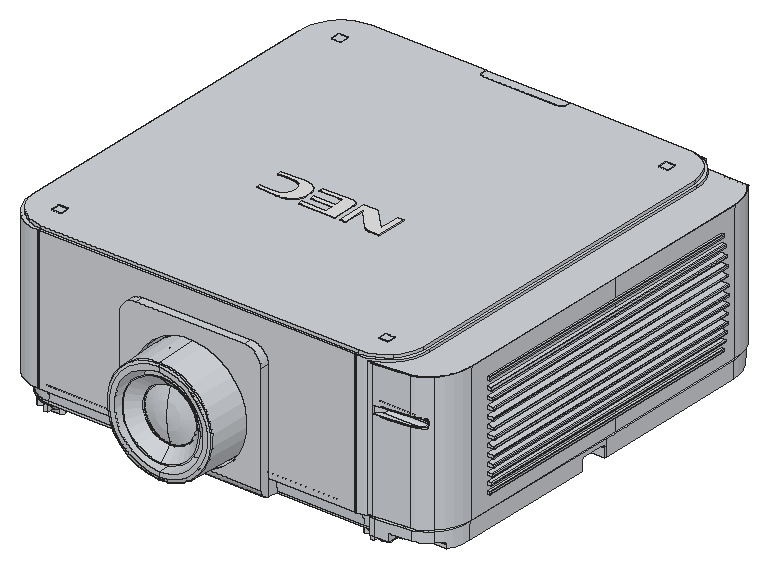
Revit family "PX602WL", category Generic Models, Revit 2012 (continued)
Forms (in)
  Extrusion 32, void
    sketch origin (0, 0, 0) x (0, 1, 0) y (0, 0, 1)
      loop
        arc (15.04456, 5.4467) -> (15.06038, 5.45325) -> (15.06693, 5.46907) r 0.02237
        line (15.06693, 5.46907) -> (15.06693, 5.57034)
      loop
        arc (13.88583, 5.57092) -> (13.87954, 5.58609) -> (13.86438, 5.59237) r 0.02145
        line (13.86438, 5.59237) -> (12.80478, 5.59237)
        arc (12.80478, 5.59237) -> (12.78971, 5.58613) -> (12.78346, 5.57105) r 0.02131
        line (12.78346, 5.57105) -> (12.78346, 5.46722)
        arc (12.78346, 5.46722) -> (12.78947, 5.45271) -> (12.80398, 5.4467) r 0.02052
        line (12.80398, 5.4467) -> (13.86296, 5.4467)
        arc (13.86296, 5.4467) -> (13.87913, 5.4534) -> (13.88583, 5.46956) r 0.02286
        line (13.88583, 5.46956) -> (13.88583, 5.57092)
      loop
        arc (12.70472, 5.57093) -> (12.69844, 5.58609) -> (12.68328, 5.59237) r 0.02144
        line (12.68328, 5.59237) -> (11.58151, 5.59237)
        arc (11.58151, 5.59237) -> (11.56548, 5.58573) -> (11.55884, 5.5697) r 0.02267
        line (11.55884, 5.5697) -> (11.55884, 5.46575)
        arc (11.55884, 5.46575) -> (11.56604, 5.44843) -> (11.5834, 5.44131) r 0.02444
        line (11.5834, 5.44131) -> (12.68301, 5.44669)
        arc (12.68301, 5.44669) -> (12.69837, 5.45312) -> (12.70472, 5.4685) r 0.02182
        line (12.70472, 5.4685) -> (12.70472, 5.57093)
      loop
        line (11.48841, 5.47204) -> (11.48841, 5.57526)
        arc (11.48841, 5.57526) -> (11.48187, 5.59103) -> (11.46609, 5.59756) r 0.02231
        line (11.46609, 5.59756) -> (10.41449, 5.59743)
        arc (10.41449, 5.59743) -> (10.39144, 5.58788) -> (10.38189, 5.56482) r 0.03261
        line (10.38189, 5.56482) -> (10.38189, 5.46919)
        arc (10.38189, 5.46919) -> (10.38848, 5.45329) -> (10.40438, 5.4467) r 0.02249
        line (10.40438, 5.4467) -> (11.46307, 5.4467)
        arc (11.46307, 5.4467) -> (11.48098, 5.45412) -> (11.48841, 5.47204) r 0.02534
      loop
        arc (10.30315, 5.57105) -> (10.2969, 5.58612) -> (10.28183, 5.59237) r 0.02132
        line (10.28183, 5.59237) -> (9.22339, 5.59237)
        arc (9.22339, 5.59237) -> (9.20741, 5.58575) -> (9.20079, 5.56976) r 0.0226
        line (9.20079, 5.56976) -> (9.20079, 5.46816)
        arc (9.20079, 5.46816) -> (9.20707, 5.45299) -> (9.22225, 5.4467) r 0.02146
        line (9.22225, 5.4467) -> (10.28178, 5.4467)
        arc (10.28178, 5.4467) -> (10.29689, 5.45296) -> (10.30315, 5.46807) r 0.02137
        line (10.30315, 5.46807) -> (10.30315, 5.57105)
      loop
        arc (9.12205, 5.57122) -> (9.11585, 5.58617) -> (9.1009, 5.59237) r 0.02115
        line (9.1009, 5.59237) -> (8.04105, 5.59237)
        arc (8.04105, 5.59237) -> (8.02594, 5.58611) -> (8.01969, 5.571) r 0.02137
        line (8.01969, 5.571) -> (8.01969, 5.4677)
        arc (8.01969, 5.4677) -> (8.02584, 5.45285) -> (8.04069, 5.4467) r 0.021
        line (8.04069, 5.4467) -> (9.09901, 5.4467)
        arc (9.09901, 5.4467) -> (9.1153, 5.45345) -> (9.12205, 5.46974) r 0.02304
        line (9.12205, 5.46974) -> (9.12205, 5.57122)
      loop
        arc (7.94094, 5.57114) -> (7.93473, 5.58615) -> (7.91971, 5.59237) r 0.02123
        line (7.91971, 5.59237) -> (6.81961, 5.59237)
        arc (6.81961, 5.59237) -> (6.80519, 5.58639) -> (6.79921, 5.57197) r 0.0204
        line (6.79921, 5.57197) -> (6.79921, 5.46914)
        arc (6.79921, 5.46914) -> (6.80578, 5.45327) -> (6.82165, 5.4467) r 0.02244
        line (6.82165, 5.4467) -> (7.92041, 5.4467)
        arc (7.92041, 5.4467) -> (7.93493, 5.45271) -> (7.94094, 5.46723) r 0.02053
        line (7.94094, 5.46723) -> (7.94094, 5.57114)
      loop
        line (16.24803, 5.69396) -> (16.24803, 5.78787)
        arc (16.24803, 5.78787) -> (16.24035, 5.80643) -> (16.22179, 5.81411) r 0.02624
        line (16.22179, 5.81411) -> (15.16716, 5.81411)
        arc (15.16716, 5.81411) -> (15.15196, 5.80782) -> (15.14567, 5.79262) r 0.02149
        line (15.14567, 5.79262) -> (15.14567, 5.69152)
        arc (15.14567, 5.69152) -> (15.15243, 5.6752) -> (15.16874, 5.66844) r 0.02307
        line (15.16874, 5.66844) -> (16.22251, 5.66844)
        arc (16.22251, 5.66844) -> (16.24056, 5.67592) -> (16.24803, 5.69396) r 0.02552
      loop
        arc (15.06693, 5.79208) -> (15.06048, 5.80766) -> (15.0449, 5.81411) r 0.02203
        line (15.0449, 5.81411) -> (13.98681, 5.81411)
        arc (13.98681, 5.81411) -> (13.97108, 5.8076) -> (13.96457, 5.79187) r 0.02225
        line (13.96457, 5.79187) -> (13.96457, 5.69005)
        arc (13.96457, 5.69005) -> (13.9709, 5.67477) -> (13.98618, 5.66844) r 0.02161
        line (13.98618, 5.66844) -> (15.04456, 5.66844)
        arc (15.04456, 5.66844) -> (15.06038, 5.67499) -> (15.06693, 5.69081) r 0.02237
        line (15.06693, 5.69081) -> (15.06693, 5.79208)
      loop
        arc (13.88583, 5.79266) -> (13.87954, 5.80783) -> (13.86438, 5.81411) r 0.02145
        line (13.86438, 5.81411) -> (12.80478, 5.81411)
        arc (12.80478, 5.81411) -> (12.78971, 5.80787) -> (12.78346, 5.7928) r 0.02131
        line (12.78346, 5.7928) -> (12.78346, 5.68896)
        arc (12.78346, 5.68896) -> (12.78947, 5.67445) -> (12.80398, 5.66844) r 0.02052
        line (12.80398, 5.66844) -> (13.86296, 5.66844)
        arc (13.86296, 5.66844) -> (13.87913, 5.67514) -> (13.88583, 5.69131) r 0.02286
        line (13.88583, 5.69131) -> (13.88583, 5.79266)
      loop
        arc (12.70472, 5.79267) -> (12.69844, 5.80783) -> (12.68328, 5.81411) r 0.02144
        line (12.68328, 5.81411) -> (11.58151, 5.81411)
        arc (11.58151, 5.81411) -> (11.56548, 5.80747) -> (11.55884, 5.79144) r 0.02267
        line (11.55884, 5.79144) -> (11.55884, 5.68749)
        arc (11.55884, 5.68749) -> (11.56604, 5.67017) -> (11.5834, 5.66305) r 0.02444
        line (11.5834, 5.66305) -> (12.68301, 5.66843)
        arc (12.68301, 5.66843) -> (12.69837, 5.67486) -> (12.70472, 5.69025) r 0.02182
        line (12.70472, 5.69025) -> (12.70472, 5.79267)
      loop
        line (11.48841, 5.69378) -> (11.48841, 5.797)
        arc (11.48841, 5.797) -> (11.48187, 5.81277) -> (11.46609, 5.81931) r 0.02231
        line (11.46609, 5.81931) -> (10.41449, 5.81917)
        arc (10.41449, 5.81917) -> (10.39144, 5.80962) -> (10.38189, 5.78657) r 0.03261
        line (10.38189, 5.78657) -> (10.38189, 5.69093)
        arc (10.38189, 5.69093) -> (10.38848, 5.67503) -> (10.40438, 5.66844) r 0.02249
        line (10.40438, 5.66844) -> (11.46307, 5.66844)
        arc (11.46307, 5.66844) -> (11.48098, 5.67586) -> (11.48841, 5.69378) r 0.02534
      loop
        arc (10.30315, 5.79279) -> (10.2969, 5.80787) -> (10.28183, 5.81411) r 0.02132
        line (10.28183, 5.81411) -> (9.22339, 5.81411)
        arc (9.22339, 5.81411) -> (9.20741, 5.80749) -> (9.20079, 5.79151) r 0.0226
        line (9.20079, 5.79151) -> (9.20079, 5.68991)
        arc (9.20079, 5.68991) -> (9.20707, 5.67473) -> (9.22225, 5.66844) r 0.02146
        line (9.22225, 5.66844) -> (10.28178, 5.66844)
        arc (10.28178, 5.66844) -> (10.29689, 5.6747) -> (10.30315, 5.68981) r 0.02137
        line (10.30315, 5.68981) -> (10.30315, 5.79279)
      loop
        arc (9.12205, 5.79296) -> (9.11585, 5.80792) -> (9.1009, 5.81411) r 0.02115
        line (9.1009, 5.81411) -> (8.04105, 5.81411)
        arc (8.04105, 5.81411) -> (8.02594, 5.80785) -> (8.01969, 5.79274) r 0.02137
        line (8.01969, 5.79274) -> (8.01969, 5.68945)
        arc (8.01969, 5.68945) -> (8.02584, 5.67459) -> (8.04069, 5.66844) r 0.021
        line (8.04069, 5.66844) -> (9.09901, 5.66844)
        arc (9.09901, 5.66844) -> (9.1153, 5.67519) -> (9.12205, 5.69148) r 0.02304
        line (9.12205, 5.69148) -> (9.12205, 5.79296)
      loop
        arc (7.94094, 5.79288) -> (7.93473, 5.80789) -> (7.91971, 5.81411) r 0.02123
        line (7.91971, 5.81411) -> (6.81961, 5.81411)
        arc (6.81961, 5.81411) -> (6.80519, 5.80814) -> (6.79921, 5.79372) r 0.0204
        line (6.79921, 5.79372) -> (6.79921, 5.69088)
        arc (6.79921, 5.69088) -> (6.80578, 5.67501) -> (6.82165, 5.66844) r 0.02244
        line (6.82165, 5.66844) -> (7.92041, 5.66844)
        arc (7.92041, 5.66844) -> (7.93493, 5.67446) -> (7.94094, 5.68897) r 0.02053
        line (7.94094, 5.68897) -> (7.94094, 5.79288)
      loop
        line (16.24803, 5.92177) -> (16.24803, 6.01568)
        arc (16.24803, 6.01568) -> (16.24035, 6.03423) -> (16.22179, 6.04192) r 0.02624
        line (16.22179, 6.04192) -> (15.16716, 6.04192)
        arc (15.16716, 6.04192) -> (15.15196, 6.03562) -> (15.14567, 6.02043) r 0.02149
        line (15.14567, 6.02043) -> (15.14567, 5.91932)
        arc (15.14567, 5.91932) -> (15.15243, 5.90301) -> (15.16874, 5.89625) r 0.02307
        line (15.16874, 5.89625) -> (16.22251, 5.89625)
        arc (16.22251, 5.89625) -> (16.24056, 5.90372) -> (16.24803, 5.92177) r 0.02552
      loop
        arc (15.06693, 6.01989) -> (15.06048, 6.03547) -> (15.0449, 6.04192) r 0.02203
        line (15.0449, 6.04192) -> (13.98681, 6.04192)
        arc (13.98681, 6.04192) -> (13.97108, 6.0354) -> (13.96457, 6.01967) r 0.02225
        line (13.96457, 6.01967) -> (13.96457, 5.91786)
        arc (13.96457, 5.91786) -> (13.9709, 5.90258) -> (13.98618, 5.89625) r 0.02161
        line (13.98618, 5.89625) -> (15.04456, 5.89625)
        arc (15.04456, 5.89625) -> (15.06038, 5.9028) -> (15.06693, 5.91862) r 0.02237
        line (15.06693, 5.91862) -> (15.06693, 6.01989)
      loop
        arc (13.88583, 6.02047) -> (13.87954, 6.03564) -> (13.86438, 6.04192) r 0.02145
        line (13.86438, 6.04192) -> (12.80478, 6.04192)
        arc (12.80478, 6.04192) -> (12.78971, 6.03568) -> (12.78346, 6.0206) r 0.02131
        line (12.78346, 6.0206) -> (12.78346, 5.91677)
        arc (12.78346, 5.91677) -> (12.78947, 5.90226) -> (12.80398, 5.89625) r 0.02052
        line (12.80398, 5.89625) -> (13.86296, 5.89625)
        arc (13.86296, 5.89625) -> (13.87913, 5.90295) -> (13.88583, 5.91911) r 0.02286
        line (13.88583, 5.91911) -> (13.88583, 6.02047)
      loop
        arc (12.70472, 6.02048) -> (12.69844, 6.03564) -> (12.68328, 6.04192) r 0.02144
        line (12.68328, 6.04192) -> (11.58151, 6.04192)
        arc (11.58151, 6.04192) -> (11.56548, 6.03528) -> (11.55884, 6.01925) r 0.02267
        line (11.55884, 6.01925) -> (11.55884, 5.9153)
        arc (11.55884, 5.9153) -> (11.56604, 5.89798) -> (11.5834, 5.89086) r 0.02444
        line (11.5834, 5.89086) -> (12.68301, 5.89624)
        arc (12.68301, 5.89624) -> (12.69837, 5.90267) -> (12.70472, 5.91806) r 0.02182
        line (12.70472, 5.91806) -> (12.70472, 6.02048)
      loop
        line (11.48841, 5.92159) -> (11.48841, 6.02481)
        arc (11.48841, 6.02481) -> (11.48187, 6.04058) -> (11.46609, 6.04712) r 0.02231
        line (11.46609, 6.04712) -> (10.41449, 6.04698)
        arc (10.41449, 6.04698) -> (10.39144, 6.03743) -> (10.38189, 6.01438) r 0.03261
        line (10.38189, 6.01438) -> (10.38189, 5.91874)
        arc (10.38189, 5.91874) -> (10.38848, 5.90284) -> (10.40438, 5.89625) r 0.02249
        line (10.40438, 5.89625) -> (11.46307, 5.89625)
        arc (11.46307, 5.89625) -> (11.48098, 5.90367) -> (11.48841, 5.92159) r 0.02534
      loop
        arc (10.30315, 6.0206) -> (10.2969, 6.03567) -> (10.28183, 6.04192) r 0.02132
        line (10.28183, 6.04192) -> (9.22339, 6.04192)
        arc (9.22339, 6.04192) -> (9.20741, 6.0353) -> (9.20079, 6.01932) r 0.0226
        line (9.20079, 6.01932) -> (9.20079, 5.91771)
        arc (9.20079, 5.91771) -> (9.20707, 5.90254) -> (9.22225, 5.89625) r 0.02146
        line (9.22225, 5.89625) -> (10.28178, 5.89625)
        arc (10.28178, 5.89625) -> (10.29689, 5.90251) -> (10.30315, 5.91762) r 0.02137
        line (10.30315, 5.91762) -> (10.30315, 6.0206)
      loop
        arc (9.12205, 6.02077) -> (9.11585, 6.03572) -> (9.1009, 6.04192) r 0.02115
        line (9.1009, 6.04192) -> (8.04105, 6.04192)
        arc (8.04105, 6.04192) -> (8.02594, 6.03566) -> (8.01969, 6.02055) r 0.02137
        line (8.01969, 6.02055) -> (8.01969, 5.91725)
        arc (8.01969, 5.91725) -> (8.02584, 5.9024) -> (8.04069, 5.89625) r 0.021
        line (8.04069, 5.89625) -> (9.09901, 5.89625)
        arc (9.09901, 5.89625) -> (9.1153, 5.903) -> (9.12205, 5.91929) r 0.02304
        line (9.12205, 5.91929) -> (9.12205, 6.02077)
      loop
        arc (7.94094, 6.02069) -> (7.93473, 6.0357) -> (7.91971, 6.04192) r 0.02123
        line (7.91971, 6.04192) -> (6.81961, 6.04192)
        arc (6.81961, 6.04192) -> (6.80519, 6.03595) -> (6.79921, 6.02152) r 0.0204
        line (6.79921, 6.02152) -> (6.79921, 5.91869)
        arc (6.79921, 5.91869) -> (6.80578, 5.90282) -> (6.82165, 5.89625) r 0.02244
        line (6.82165, 5.89625) -> (7.92041, 5.89625)
        arc (7.92041, 5.89625) -> (7.93493, 5.90226) -> (7.94094, 5.91678) r 0.02053
        line (7.94094, 5.91678) -> (7.94094, 6.02069)
      loop
        line (16.24803, 6.14122) -> (16.24803, 6.23513)
        arc (16.24803, 6.23513) -> (16.24035, 6.25368) -> (16.22179, 6.26137) r 0.02624
        line (16.22179, 6.26137) -> (15.16716, 6.26137)
        arc (15.16716, 6.26137) -> (15.15196, 6.25507) -> (15.14567, 6.23988) r 0.02149
        line (15.14567, 6.23988) -> (15.14567, 6.13877)
        arc (15.14567, 6.13877) -> (15.15243, 6.12246) -> (15.16874, 6.1157) r 0.02307
        line (15.16874, 6.1157) -> (16.22251, 6.1157)
        arc (16.22251, 6.1157) -> (16.24056, 6.12317) -> (16.24803, 6.14122) r 0.02552
      loop
        arc (15.06693, 6.23934) -> (15.06048, 6.25492) -> (15.0449, 6.26137) r 0.02203
        line (15.0449, 6.26137) -> (13.98681, 6.26137)
        arc (13.98681, 6.26137) -> (13.97108, 6.25485) -> (13.96457, 6.23912) r 0.02225
        line (13.96457, 6.23912) -> (13.96457, 6.13731)
        arc (13.96457, 6.13731) -> (13.9709, 6.12203) -> (13.98618, 6.1157) r 0.02161
        line (13.98618, 6.1157) -> (15.04456, 6.1157)
        arc (15.04456, 6.1157) -> (15.06038, 6.12225) -> (15.06693, 6.13807) r 0.02237
        line (15.06693, 6.13807) -> (15.06693, 6.23934)
      loop
        arc (13.88583, 6.23992) -> (13.87954, 6.25509) -> (13.86438, 6.26137) r 0.02145
        line (13.86438, 6.26137) -> (12.80478, 6.26137)
        arc (12.80478, 6.26137) -> (12.78971, 6.25513) -> (12.78346, 6.24006) r 0.02131
        line (12.78346, 6.24006) -> (12.78346, 6.13622)
        arc (12.78346, 6.13622) -> (12.78947, 6.12171) -> (12.80398, 6.1157) r 0.02052
        line (12.80398, 6.1157) -> (13.86296, 6.1157)
        arc (13.86296, 6.1157) -> (13.87913, 6.1224) -> (13.88583, 6.13856) r 0.02286
        line (13.88583, 6.13856) -> (13.88583, 6.23992)
      loop
        arc (12.70472, 6.23993) -> (12.69844, 6.25509) -> (12.68328, 6.26137) r 0.02144
        line (12.68328, 6.26137) -> (11.58151, 6.26137)
        arc (11.58151, 6.26137) -> (11.56548, 6.25473) -> (11.55884, 6.2387) r 0.02267
        line (11.55884, 6.2387) -> (11.55884, 6.13475)
        arc (11.55884, 6.13475) -> (11.56604, 6.11743) -> (11.5834, 6.11031) r 0.02444
        line (11.5834, 6.11031) -> (12.68301, 6.11569)
        arc (12.68301, 6.11569) -> (12.69837, 6.12212) -> (12.70472, 6.13751) r 0.02182
        line (12.70472, 6.13751) -> (12.70472, 6.23993)
      loop
        line (11.48841, 6.14104) -> (11.48841, 6.24426)
        arc (11.48841, 6.24426) -> (11.48187, 6.26003) -> (11.46609, 6.26657) r 0.02231
        line (11.46609, 6.26657) -> (10.41449, 6.26643)
        arc (10.41449, 6.26643) -> (10.39144, 6.25688) -> (10.38189, 6.23383) r 0.03261
        line (10.38189, 6.23383) -> (10.38189, 6.13819)
        arc (10.38189, 6.13819) -> (10.38848, 6.12229) -> (10.40438, 6.1157) r 0.02249
        line (10.40438, 6.1157) -> (11.46307, 6.1157)
        arc (11.46307, 6.1157) -> (11.48098, 6.12312) -> (11.48841, 6.14104) r 0.02534
      loop
        arc (10.30315, 6.24005) -> (10.2969, 6.25512) -> (10.28183, 6.26137) r 0.02132
        line (10.28183, 6.26137) -> (9.22339, 6.26137)
        arc (9.22339, 6.26137) -> (9.20741, 6.25475) -> (9.20079, 6.23877) r 0.0226
        line (9.20079, 6.23877) -> (9.20079, 6.13716)
        arc (9.20079, 6.13716) -> (9.20707, 6.12199) -> (9.22225, 6.1157) r 0.02146
        line (9.22225, 6.1157) -> (10.28178, 6.1157)
        arc (10.28178, 6.1157) -> (10.29689, 6.12196) -> (10.30315, 6.13707) r 0.02137
        line (10.30315, 6.13707) -> (10.30315, 6.24005)
      loop
        arc (9.12205, 6.24022) -> (9.11585, 6.25517) -> (9.1009, 6.26137) r 0.02115
        line (9.1009, 6.26137) -> (8.04105, 6.26137)
        arc (8.04105, 6.26137) -> (8.02594, 6.25511) -> (8.01969, 6.24) r 0.02137
        line (8.01969, 6.24) -> (8.01969, 6.1367)
        arc (8.01969, 6.1367) -> (8.02584, 6.12185) -> (8.04069, 6.1157) r 0.021
        line (8.04069, 6.1157) -> (9.09901, 6.1157)
        arc (9.09901, 6.1157) -> (9.1153, 6.12245) -> (9.12205, 6.13874) r 0.02304
        line (9.12205, 6.13874) -> (9.12205, 6.24022)
      loop
        arc (7.94094, 6.24014) -> (7.93473, 6.25515) -> (7.91971, 6.26137) r 0.02123
        line (7.91971, 6.26137) -> (6.81961, 6.26137)
        arc (6.81961, 6.26137) -> (6.80519, 6.2554) -> (6.79921, 6.24097) r 0.0204
        line (6.79921, 6.24097) -> (6.79921, 6.13814)
        arc (6.79921, 6.13814) -> (6.80578, 6.12227) -> (6.82165, 6.1157) r 0.02244
        line (6.82165, 6.1157) -> (7.92041, 6.1157)
        arc (7.92041, 6.1157) -> (7.93493, 6.12171) -> (7.94094, 6.13623) r 0.02053
        line (7.94094, 6.13623) -> (7.94094, 6.24014)
      loop
        line (16.24803, 6.36504) -> (16.24803, 6.45895)
        arc (16.24803, 6.45895) -> (16.24035, 6.4775) -> (16.22179, 6.48519) r 0.02624
        line (16.22179, 6.48519) -> (15.16716, 6.48519)
        arc (15.16716, 6.48519) -> (15.15196, 6.4789) -> (15.14567, 6.4637) r 0.02149
        line (15.14567, 6.4637) -> (15.14567, 6.3626)
        arc (15.14567, 6.3626) -> (15.15243, 6.34628) -> (15.16874, 6.33952) r 0.02307
        line (15.16874, 6.33952) -> (16.22251, 6.33952)
        arc (16.22251, 6.33952) -> (16.24056, 6.347) -> (16.24803, 6.36504) r 0.02552
      loop
        arc (15.06693, 6.46316) -> (15.06048, 6.47874) -> (15.0449, 6.48519) r 0.02203
        line (15.0449, 6.48519) -> (13.98681, 6.48519)
        arc (13.98681, 6.48519) -> (13.97108, 6.47867) -> (13.96457, 6.46294) r 0.02225
        line (13.96457, 6.46294) -> (13.96457, 6.36113)
        arc (13.96457, 6.36113) -> (13.9709, 6.34585) -> (13.98618, 6.33952) r 0.02161
        line (13.98618, 6.33952) -> (15.04456, 6.33952)
        arc (15.04456, 6.33952) -> (15.06038, 6.34607) -> (15.06693, 6.36189) r 0.02237
        line (15.06693, 6.36189) -> (15.06693, 6.46316)
      loop
        arc (13.88583, 6.46374) -> (13.87954, 6.47891) -> (13.86438, 6.48519) r 0.02145
        line (13.86438, 6.48519) -> (12.80478, 6.48519)
        arc (12.80478, 6.48519) -> (12.78971, 6.47895) -> (12.78346, 6.46388) r 0.02131
        line (12.78346, 6.46388) -> (12.78346, 6.36004)
        arc (12.78346, 6.36004) -> (12.78947, 6.34553) -> (12.80398, 6.33952) r 0.02052
        line (12.80398, 6.33952) -> (13.86296, 6.33952)
        arc (13.86296, 6.33952) -> (13.87913, 6.34622) -> (13.88583, 6.36238) r 0.02286
        line (13.88583, 6.36238) -> (13.88583, 6.46374)
      loop
        arc (12.70472, 6.46375) -> (12.69844, 6.47891) -> (12.68328, 6.48519) r 0.02144
        line (12.68328, 6.48519) -> (11.58151, 6.48519)
        arc (11.58151, 6.48519) -> (11.56548, 6.47855) -> (11.55884, 6.46252) r 0.02267
        line (11.55884, 6.46252) -> (11.55884, 6.35857)
        arc (11.55884, 6.35857) -> (11.56604, 6.34125) -> (11.5834, 6.33413) r 0.02444
        line (11.5834, 6.33413) -> (12.68301, 6.33951)
        arc (12.68301, 6.33951) -> (12.69837, 6.34594) -> (12.70472, 6.36133) r 0.02182
        line (12.70472, 6.36133) -> (12.70472, 6.46375)
      loop
        line (11.48841, 6.36486) -> (11.48841, 6.46808)
        arc (11.48841, 6.46808) -> (11.48187, 6.48385) -> (11.46609, 6.49039) r 0.02231
        line (11.46609, 6.49039) -> (10.41449, 6.49025)
        arc (10.41449, 6.49025) -> (10.39144, 6.4807) -> (10.38189, 6.45765) r 0.03261
        line (10.38189, 6.45765) -> (10.38189, 6.36201)
        arc (10.38189, 6.36201) -> (10.38848, 6.34611) -> (10.40438, 6.33952) r 0.02249
        line (10.40438, 6.33952) -> (11.46307, 6.33952)
        arc (11.46307, 6.33952) -> (11.48098, 6.34694) -> (11.48841, 6.36486) r 0.02534
      loop
        arc (10.30315, 6.46387) -> (10.2969, 6.47895) -> (10.28183, 6.48519) r 0.02132
        line (10.28183, 6.48519) -> (9.22339, 6.48519)
        arc (9.22339, 6.48519) -> (9.20741, 6.47857) -> (9.20079, 6.46259) r 0.0226
        line (9.20079, 6.46259) -> (9.20079, 6.36098)
        arc (9.20079, 6.36098) -> (9.20707, 6.34581) -> (9.22225, 6.33952) r 0.02146
        line (9.22225, 6.33952) -> (10.28178, 6.33952)
        arc (10.28178, 6.33952) -> (10.29689, 6.34578) -> (10.30315, 6.36089) r 0.02137
        line (10.30315, 6.36089) -> (10.30315, 6.46387)
      loop
        arc (9.12205, 6.46404) -> (9.11585, 6.479) -> (9.1009, 6.48519) r 0.02115
        line (9.1009, 6.48519) -> (8.04105, 6.48519)
        arc (8.04105, 6.48519) -> (8.02594, 6.47893) -> (8.01969, 6.46382) r 0.02137
        line (8.01969, 6.46382) -> (8.01969, 6.36052)
        arc (8.01969, 6.36052) -> (8.02584, 6.34567) -> (8.04069, 6.33952) r 0.021
        line (8.04069, 6.33952) -> (9.09901, 6.33952)
        arc (9.09901, 6.33952) -> (9.1153, 6.34627) -> (9.12205, 6.36256) r 0.02304
        line (9.12205, 6.36256) -> (9.12205, 6.46404)
      loop
        arc (7.94094, 6.46396) -> (7.93473, 6.47897) -> (7.91971, 6.48519) r 0.02123
        line (7.91971, 6.48519) -> (6.81961, 6.48519)
        arc (6.81961, 6.48519) -> (6.80519, 6.47922) -> (6.79921, 6.46479) r 0.0204
        line (6.79921, 6.46479) -> (6.79921, 6.36196)
        arc (6.79921, 6.36196) -> (6.80578, 6.34609) -> (6.82165, 6.33952) r 0.02244
        line (6.82165, 6.33952) -> (7.92041, 6.33952)
        arc (7.92041, 6.33952) -> (7.93493, 6.34553) -> (7.94094, 6.36005) r 0.02053
        line (7.94094, 6.36005) -> (7.94094, 6.46396)
      loop
        line (3.12887, 3.67566) -> (5.67653, 3.67551)
        arc (5.67653, 3.67551) -> (5.84088, 3.74614) -> (5.90861, 3.91171) r 0.23622
        line (5.90861, 3.91171) -> (5.90834, 7.6092)
        arc (5.90834, 7.6092) -> (5.83915, 7.77621) -> (5.67214, 7.84544) r 0.23622
        line (5.67214, 7.84544) -> (3.13279, 7.84555)
        arc (3.13279, 7.84555) -> (2.96574, 7.77636) -> (2.89656, 7.60931) r 0.23622
        line (2.89656, 7.60931) -> (2.89682, 3.91183)
        arc (2.89682, 3.91183) -> (2.96455, 3.74629) -> (3.12887, 3.67566) r 0.23622
      loop
        line (6.54936, 7.55291) -> (6.54936, 6.64795)
        arc (6.54936, 6.64795) -> (6.56152, 6.6186) -> (6.59087, 6.60645) r 0.04151
        line (6.59087, 6.60645) -> (7.50122, 6.60645)
        arc (7.50122, 6.60645) -> (7.53227, 6.61931) -> (7.54513, 6.65035) r 0.0439
        line (7.54513, 6.65035) -> (7.54513, 7.54024)
        arc (7.54513, 7.54024) -> (7.52697, 7.58406) -> (7.48315, 7.60221) r 0.06198
        line (7.48315, 7.60221) -> (6.59866, 7.60221)
        arc (6.59866, 7.60221) -> (6.5638, 7.58777) -> (6.54936, 7.55291) r 0.0493
      loop
        line (2.03937, 1.73228) -> (2.03937, 8.52858) -> (2, 8.52858) -> (2, 1.73228) -> (2.03937, 1.73228)
    from -9.53543 to -9.37587
  Extrusion 33, solid
    sketch origin (0, 0, 0) x (0, 1, 0) y (0, 0, 1)
      loop
        line (7.53513, 6.64192) -> (7.53513, 6.90748) -> (7.48827, 6.90748)
        arc (7.48827, 6.90748) -> (7.47429, 6.91327) -> (7.4685, 6.92725) r 0.01977
        line (7.4685, 6.92725) -> (7.4685, 7.27994)
        arc (7.4685, 7.27994) -> (7.47473, 7.29496) -> (7.48975, 7.30118) r 0.02124
        line (7.48975, 7.30118) -> (7.53513, 7.30118) -> (7.53513, 7.59221) -> (6.59528, 7.59221)
        arc (6.59528, 7.59221) -> (6.56988, 7.58169) -> (6.55936, 7.5563) r 0.03592
        line (6.55936, 7.5563) -> (6.55936, 6.64632)
        arc (6.55936, 6.64632) -> (6.56811, 6.6252) -> (6.58923, 6.61645) r 0.02987
        line (6.58923, 6.61645) -> (7.50966, 6.61645)
        arc (7.50966, 6.61645) -> (7.52767, 6.62391) -> (7.53513, 6.64192) r 0.02547
    from -9.53543 to -9.47904
  Extrusion 34, solid
    sketch origin (0, 0, 0) x (0, 1, 0) y (0, 0, 1)
      loop
        circle (5.20884, 4.28535) r 0.19644
      loop
        circle (4.08476, 4.28527) r 0.19644
      loop
        circle (3.57701, 4.28527) r 0.19644
      loop
        circle (3.57701, 4.82858) r 0.19644
      loop
        circle (4.08476, 4.82858) r 0.19644
      loop
        circle (4.73246, 4.82866) r 0.19644
      loop
        circle (5.20884, 4.82866) r 0.19644
      loop
        circle (5.22844, 6.01254) r 0.19644
      loop
        circle (4.98663, 6.59634) r 0.19644
      loop
        circle (4.40283, 6.83824) r 0.19117
      loop
        circle (3.81903, 6.59634) r 0.19644
      loop
        circle (3.53998, 7.18254) r 0.23581
      loop
        circle (3.57701, 6.01254) r 0.19644
      loop
        circle (4.40271, 6.01254) r 0.54093
      loop
        line (5.67214, 7.84544) -> (3.13279, 7.84559)
        arc (3.13279, 7.84559) -> (2.96574, 7.77636) -> (2.89656, 7.60931) r 0.23622
        line (2.89656, 7.60931) -> (2.89682, 3.91183)
        arc (2.89682, 3.91183) -> (2.96455, 3.74629) -> (3.12887, 3.67566) r 0.23622
        line (3.12887, 3.67566) -> (5.67653, 3.67551)
        arc (5.67653, 3.67551) -> (5.84088, 3.74614) -> (5.90861, 3.91171) r 0.23622
        line (5.90861, 3.91171) -> (5.90834, 7.6092)
        arc (5.90834, 7.6092) -> (5.83915, 7.77621) -> (5.67214, 7.84544) r 0.23622
    from -9.46831 to -9.41732
  Extrusion 35, solid
    sketch origin (0, 0, 0) x (0, 1, 0) y (0, 0, 1)
      loop
        circle (4.98663, 6.59634) r 0.17874
      loop
        circle (4.40283, 6.83824) r 0.17874
      loop
        circle (5.22844, 6.01254) r 0.17874
      loop
        circle (3.8188, 6.59634) r 0.17874
      loop
        circle (3.57701, 6.01254) r 0.17874
      loop
        circle (4.40271, 6.01254) r 0.51484
      loop
        circle (4.40272, 6.01254) r 0.22351
      loop
        circle (4.40272, 6.01254) r 0.19843
      loop
        circle (5.20884, 4.82866) r 0.17874
      loop
        circle (4.73246, 4.82866) r 0.17874
      loop
        circle (5.20884, 4.28535) r 0.17874
      loop
        circle (4.08476, 4.82858) r 0.17874
      loop
        circle (3.57701, 4.82858) r 0.17874
      loop
        circle (4.08476, 4.28527) r 0.17874
      loop
        circle (3.57701, 4.28527) r 0.17874
      loop
        circle (3.53998, 7.18254) r 0.21811
    from -9.48855 to -9.41732
  Extrusion 36, void
    sketch origin (0, 0, 0) x (1, 0, 0) y (0, 0, 1)
      loop
        line (7.65378, 1.73228) -> (7.65378, 8.52858) -> (7.61378, 8.52858) -> (7.61378, 1.73228) -> (7.65378, 1.73228)
      loop
        line (-7.61335, 1.73228) -> (-7.61335, 8.52858) -> (-7.65335, 8.52858) -> (-7.65335, 1.73228) -> (-7.61335, 1.73228)
    from -0.22698 to 0.06154
  Revolve 37, solid
    sketch origin (0, 1.56692, 0) x (1, 0, 0) y (0, 0, 1)
      loop
        arc (7.41361, 0.15748) -> (7.62241, 0.04053) -> (7.85827, 0) r 0.70649
        line (7.85827, 0) -> (7.85827, 0.86557) -> (7.36614, 0.86557) -> (7.36614, 0.33465) -> (7.41361, 0.15748)
      axis (7.85827, 0) -> (7.85827, 0.86557)
    angle from 0 to 360
  Revolve 38, solid
    sketch origin (-15.71716, 1.56692, 0) x (1, 0, 0) y (0, 0, 1)
      loop
        arc (7.41361, 0.15748) -> (7.62241, 0.04053) -> (7.85827, 0) r 0.70649
        line (7.85827, 0) -> (7.85827, 0.86557) -> (7.36614, 0.86557) -> (7.36614, 0.33465) -> (7.41361, 0.15748)
      axis (7.85827, 0) -> (7.85827, 0.86557)
    angle from 0 to 360
  Revolve 39, solid
    sketch origin (-7.85827, 18.38582, 0) x (1, 0, 0) y (0, 0, 1)
      loop
        arc (7.41361, 0.15748) -> (7.62241, 0.04053) -> (7.85827, 0) r 0.70649
        line (7.85827, 0) -> (7.85827, 0.86557) -> (7.36614, 0.86557) -> (7.36614, 0.33465) -> (7.41361, 0.15748)
      axis (7.85827, 0) -> (7.85827, 0.86557)
    angle from 0 to 360
  Revolve 40, solid
    sketch origin (0, 1.56692, 0) x (1, 0, 0) y (0, 0, 1)
      loop
        arc (7.04061, 0.72835) -> (7.01452, 0.71091) -> (7.02065, 0.68014) r 0.02824
        line (7.02065, 0.68014) -> (7.36614, 0.33465) -> (7.85827, 0.33465) -> (7.85827, 0.72835) -> (7.04061, 0.72835)
      axis (7.85827, 0.72835) -> (7.85827, 0.33465)
    angle from 0 to 360
  Revolve 41, solid
    sketch origin (-15.71716, 1.56692, 0) x (1, 0, 0) y (0, 0, 1)
      loop
        arc (7.04061, 0.72835) -> (7.01452, 0.71091) -> (7.02065, 0.68014) r 0.02824
        line (7.02065, 0.68014) -> (7.36614, 0.33465) -> (7.85827, 0.33465) -> (7.85827, 0.72835) -> (7.04061, 0.72835)
      axis (7.85827, 0.72835) -> (7.85827, 0.33465)
    angle from 0 to 360
  Revolve 42, solid
    sketch origin (-7.85827, 18.38582, 0) x (1, 0, 0) y (0, 0, 1)
      loop
        arc (7.04061, 0.72835) -> (7.01452, 0.71091) -> (7.02065, 0.68014) r 0.02824
        line (7.02065, 0.68014) -> (7.36614, 0.33465) -> (7.85827, 0.33465) -> (7.85827, 0.72835) -> (7.04061, 0.72835)
      axis (7.85827, 0.72835) -> (7.85827, 0.33465)
    angle from 0 to 360
  Extrusion 43, solid
    sketch origin (0, 0, 0) x (1, 0, 0) y (0, 1, 0)
      loop
        arc (-7.42484, 1.66344) -> (-7.41424, 1.56497) -> (-7.4257, 1.46659) r 0.44465
        line (-7.4257, 1.46659) -> (-7.01932, 1.46659)
        arc (-7.01932, 1.46659) -> (-7.01243, 1.56495) -> (-7.01703, 1.66344) r 0.84603
        line (-7.01703, 1.66344) -> (-7.42484, 1.66344)
      loop
        line (-8.29294, 1.66344) -> (-8.70075, 1.66344)
        arc (-8.70075, 1.66344) -> (-8.70535, 1.56495) -> (-8.69846, 1.46659) r 0.84603
        line (-8.69846, 1.46659) -> (-8.29208, 1.46659)
        arc (-8.29208, 1.46659) -> (-8.30354, 1.56497) -> (-8.29294, 1.66344) r 0.44465
      loop
        line (-7.76976, 2.00836) -> (-7.76976, 2.41617)
        arc (-7.76976, 2.41617) -> (-7.86825, 2.42077) -> (-7.96661, 2.41388) r 0.84603
        line (-7.96661, 2.41388) -> (-7.96661, 2.00749)
        arc (-7.96661, 2.00749) -> (-7.86823, 2.01895) -> (-7.76976, 2.00836) r 0.44465
      loop
        arc (-7.76976, 1.14025) -> (-7.86823, 1.12965) -> (-7.96661, 1.14112) r 0.44465
        line (-7.96661, 1.14112) -> (-7.96661, 0.73473)
        arc (-7.96661, 0.73473) -> (-7.86825, 0.72784) -> (-7.76976, 0.73244) r 0.84603
        line (-7.76976, 0.73244) -> (-7.76976, 1.14025)
      loop
        arc (-8.11452, 1.19615) -> (-8.19054, 1.25963) -> (-8.25064, 1.33835) r 0.44465
        line (-8.25064, 1.33835) -> (-8.54297, 1.05606)
        arc (-8.54297, 1.05606) -> (-8.4796, 0.98052) -> (-8.40787, 0.91286) r 0.84603
        line (-8.40787, 0.91286) -> (-8.11452, 1.19615)
      loop
        line (-7.49005, 1.79919) -> (-7.1967, 2.08248)
        arc (-7.1967, 2.08248) -> (-7.26181, 2.15652) -> (-7.33509, 2.22249) r 0.84603
        line (-7.33509, 2.22249) -> (-7.62742, 1.94019)
        arc (-7.62742, 1.94019) -> (-7.55084, 1.87739) -> (-7.49005, 1.79919) r 0.44465
      loop
        line (-8.11452, 1.93769) -> (-8.40787, 2.22098)
        arc (-8.40787, 2.22098) -> (-8.4796, 2.15332) -> (-8.54297, 2.07778) r 0.84603
        line (-8.54297, 2.07778) -> (-8.25064, 1.79548)
        arc (-8.25064, 1.79548) -> (-8.19054, 1.87421) -> (-8.11452, 1.93769) r 0.44465
      loop
        arc (-7.49005, 1.33465) -> (-7.55084, 1.25645) -> (-7.62742, 1.19365) r 0.44465
        line (-7.62742, 1.19365) -> (-7.33509, 0.91135)
        arc (-7.33509, 0.91135) -> (-7.26181, 0.97731) -> (-7.1967, 1.05136) r 0.84603
        line (-7.1967, 1.05136) -> (-7.49005, 1.33465)
    from 0.33465 to 0.72835
  Extrusion 44, solid
    sketch origin (15.71716, 0, 0) x (1, 0, 0) y (0, 1, 0)
      loop
        arc (-7.42484, 1.66344) -> (-7.41424, 1.56497) -> (-7.4257, 1.46659) r 0.44465
        line (-7.4257, 1.46659) -> (-7.01932, 1.46659)
        arc (-7.01932, 1.46659) -> (-7.01243, 1.56495) -> (-7.01703, 1.66344) r 0.84603
        line (-7.01703, 1.66344) -> (-7.42484, 1.66344)
      loop
        line (-8.29294, 1.66344) -> (-8.70075, 1.66344)
        arc (-8.70075, 1.66344) -> (-8.70535, 1.56495) -> (-8.69846, 1.46659) r 0.84603
        line (-8.69846, 1.46659) -> (-8.29208, 1.46659)
        arc (-8.29208, 1.46659) -> (-8.30354, 1.56497) -> (-8.29294, 1.66344) r 0.44465
      loop
        line (-7.76976, 2.00836) -> (-7.76976, 2.41617)
        arc (-7.76976, 2.41617) -> (-7.86825, 2.42077) -> (-7.96661, 2.41388) r 0.84603
        line (-7.96661, 2.41388) -> (-7.96661, 2.00749)
        arc (-7.96661, 2.00749) -> (-7.86823, 2.01895) -> (-7.76976, 2.00836) r 0.44465
      loop
        arc (-7.76976, 1.14025) -> (-7.86823, 1.12965) -> (-7.96661, 1.14112) r 0.44465
        line (-7.96661, 1.14112) -> (-7.96661, 0.73473)
        arc (-7.96661, 0.73473) -> (-7.86825, 0.72784) -> (-7.76976, 0.73244) r 0.84603
        line (-7.76976, 0.73244) -> (-7.76976, 1.14025)
      loop
        arc (-8.11452, 1.19615) -> (-8.19054, 1.25963) -> (-8.25064, 1.33835) r 0.44465
        line (-8.25064, 1.33835) -> (-8.54297, 1.05606)
        arc (-8.54297, 1.05606) -> (-8.4796, 0.98052) -> (-8.40787, 0.91286) r 0.84603
        line (-8.40787, 0.91286) -> (-8.11452, 1.19615)
      loop
        line (-7.49005, 1.79919) -> (-7.1967, 2.08248)
        arc (-7.1967, 2.08248) -> (-7.26181, 2.15652) -> (-7.33509, 2.22249) r 0.84603
        line (-7.33509, 2.22249) -> (-7.62742, 1.94019)
        arc (-7.62742, 1.94019) -> (-7.55084, 1.87739) -> (-7.49005, 1.79919) r 0.44465
      loop
        line (-8.11452, 1.93769) -> (-8.40787, 2.22098)
        arc (-8.40787, 2.22098) -> (-8.4796, 2.15332) -> (-8.54297, 2.07778) r 0.84603
        line (-8.54297, 2.07778) -> (-8.25064, 1.79548)
        arc (-8.25064, 1.79548) -> (-8.19054, 1.87421) -> (-8.11452, 1.93769) r 0.44465
      loop
        arc (-7.49005, 1.33465) -> (-7.55084, 1.25645) -> (-7.62742, 1.19365) r 0.44465
        line (-7.62742, 1.19365) -> (-7.33509, 0.91135)
        arc (-7.33509, 0.91135) -> (-7.26181, 0.97731) -> (-7.1967, 1.05136) r 0.84603
        line (-7.1967, 1.05136) -> (-7.49005, 1.33465)
    from 0.33465 to 0.72835
  Extrusion 45, solid
    sketch origin (7.85889, 16.8189, 0) x (1, 0, 0) y (0, 1, 0)
      loop
        arc (-7.42484, 1.66344) -> (-7.41424, 1.56497) -> (-7.4257, 1.46659) r 0.44465
        line (-7.4257, 1.46659) -> (-7.01932, 1.46659)
        arc (-7.01932, 1.46659) -> (-7.01243, 1.56495) -> (-7.01703, 1.66344) r 0.84603
        line (-7.01703, 1.66344) -> (-7.42484, 1.66344)
      loop
        line (-8.29294, 1.66344) -> (-8.70075, 1.66344)
        arc (-8.70075, 1.66344) -> (-8.70535, 1.56495) -> (-8.69846, 1.46659) r 0.84603
        line (-8.69846, 1.46659) -> (-8.29208, 1.46659)
        arc (-8.29208, 1.46659) -> (-8.30354, 1.56497) -> (-8.29294, 1.66344) r 0.44465
      loop
        line (-7.76976, 2.00836) -> (-7.76976, 2.41617)
        arc (-7.76976, 2.41617) -> (-7.86825, 2.42077) -> (-7.96661, 2.41388) r 0.84603
        line (-7.96661, 2.41388) -> (-7.96661, 2.00749)
        arc (-7.96661, 2.00749) -> (-7.86823, 2.01895) -> (-7.76976, 2.00836) r 0.44465
      loop
        arc (-7.76976, 1.14025) -> (-7.86823, 1.12965) -> (-7.96661, 1.14112) r 0.44465
        line (-7.96661, 1.14112) -> (-7.96661, 0.73473)
        arc (-7.96661, 0.73473) -> (-7.86825, 0.72784) -> (-7.76976, 0.73244) r 0.84603
        line (-7.76976, 0.73244) -> (-7.76976, 1.14025)
      loop
        arc (-8.11452, 1.19615) -> (-8.19054, 1.25963) -> (-8.25064, 1.33835) r 0.44465
        line (-8.25064, 1.33835) -> (-8.54297, 1.05606)
        arc (-8.54297, 1.05606) -> (-8.4796, 0.98052) -> (-8.40787, 0.91286) r 0.84603
        line (-8.40787, 0.91286) -> (-8.11452, 1.19615)
      loop
        line (-7.49005, 1.79919) -> (-7.1967, 2.08248)
        arc (-7.1967, 2.08248) -> (-7.26181, 2.15652) -> (-7.33509, 2.22249) r 0.84603
        line (-7.33509, 2.22249) -> (-7.62742, 1.94019)
        arc (-7.62742, 1.94019) -> (-7.55084, 1.87739) -> (-7.49005, 1.79919) r 0.44465
      loop
        line (-8.11452, 1.93769) -> (-8.40787, 2.22098)
        arc (-8.40787, 2.22098) -> (-8.4796, 2.15332) -> (-8.54297, 2.07778) r 0.84603
        line (-8.54297, 2.07778) -> (-8.25064, 1.79548)
        arc (-8.25064, 1.79548) -> (-8.19054, 1.87421) -> (-8.11452, 1.93769) r 0.44465
      loop
        arc (-7.49005, 1.33465) -> (-7.55084, 1.25645) -> (-7.62742, 1.19365) r 0.44465
        line (-7.62742, 1.19365) -> (-7.33509, 0.91135)
        arc (-7.33509, 0.91135) -> (-7.26181, 0.97731) -> (-7.1967, 1.05136) r 0.84603
        line (-7.1967, 1.05136) -> (-7.49005, 1.33465)
    from 0.33465 to 0.72835
  Revolve 46, solid
    sketch origin (0, 3.71968, 0) x (1, 0, 0) y (0, 0, 1)
      loop
        line (-5.98016, 0.47244) -> (-5.98016, 0.86557) -> (-6.47384, 0.86557)
        arc (-6.47384, 0.86557) -> (-6.43258, 0.84763) -> (-6.40787, 0.81003) r 0.07874
        line (-6.40787, 0.81003) -> (-6.32274, 0.52626)
        arc (-6.32274, 0.52626) -> (-6.29549, 0.48737) -> (-6.25041, 0.47244) r 0.07552
        line (-6.25041, 0.47244) -> (-5.98016, 0.47244)
      axis (-5.91016, 0.86557) -> (-5.91016, 0.47244)
    angle from 0 to 360
  Revolve 47, solid
    sketch origin (0, 9.61738, 0) x (1, 0, 0) y (0, 0, 1)
      loop
        line (-5.98016, 0.47244) -> (-5.98016, 0.86557) -> (-6.47384, 0.86557)
        arc (-6.47384, 0.86557) -> (-6.43258, 0.84763) -> (-6.40787, 0.81003) r 0.07874
        line (-6.40787, 0.81003) -> (-6.32274, 0.52626)
        arc (-6.32274, 0.52626) -> (-6.29549, 0.48737) -> (-6.25041, 0.47244) r 0.07552
        line (-6.25041, 0.47244) -> (-5.98016, 0.47244)
      axis (-5.91016, 0.86557) -> (-5.91016, 0.47244)
    angle from 0 to 360
  Revolve 48, solid
    sketch origin (0, 15.52282, 0) x (1, 0, 0) y (0, 0, 1)
      loop
        line (-5.98016, 0.47244) -> (-5.98016, 0.86557) -> (-6.47384, 0.86557)
        arc (-6.47384, 0.86557) -> (-6.43258, 0.84763) -> (-6.40787, 0.81003) r 0.07874
        line (-6.40787, 0.81003) -> (-6.32274, 0.52626)
        arc (-6.32274, 0.52626) -> (-6.29549, 0.48737) -> (-6.25041, 0.47244) r 0.07552
        line (-6.25041, 0.47244) -> (-5.98016, 0.47244)
      axis (-5.91016, 0.86557) -> (-5.91016, 0.47244)
    angle from 0 to 360
  Revolve 49, solid
    sketch origin (11.81095, 3.71187, 0) x (1, 0, 0) y (0, 0, 1)
      loop
        line (-5.98016, 0.47244) -> (-5.98016, 0.86557) -> (-6.47384, 0.86557)
        arc (-6.47384, 0.86557) -> (-6.43258, 0.84763) -> (-6.40787, 0.81003) r 0.07874
        line (-6.40787, 0.81003) -> (-6.32274, 0.52626)
        arc (-6.32274, 0.52626) -> (-6.29549, 0.48737) -> (-6.25041, 0.47244) r 0.07552
        line (-6.25041, 0.47244) -> (-5.98016, 0.47244)
      axis (-5.91016, 0.86557) -> (-5.91016, 0.47244)
    angle from 0 to 360
  Revolve 50, solid
    sketch origin (11.81095, 9.61739, 0) x (1, 0, 0) y (0, 0, 1)
      loop
        line (-5.98016, 0.47244) -> (-5.98016, 0.86557) -> (-6.47384, 0.86557)
        arc (-6.47384, 0.86557) -> (-6.43258, 0.84763) -> (-6.40787, 0.81003) r 0.07874
        line (-6.40787, 0.81003) -> (-6.32274, 0.52626)
        arc (-6.32274, 0.52626) -> (-6.29549, 0.48737) -> (-6.25041, 0.47244) r 0.07552
        line (-6.25041, 0.47244) -> (-5.98016, 0.47244)
      axis (-5.91016, 0.86557) -> (-5.91016, 0.47244)
    angle from 0 to 360
  Revolve 51, solid
    sketch origin (11.81095, 15.5229, 0) x (1, 0, 0) y (0, 0, 1)
      loop
        line (-5.98016, 0.47244) -> (-5.98016, 0.86557) -> (-6.47384, 0.86557)
        arc (-6.47384, 0.86557) -> (-6.43258, 0.84763) -> (-6.40787, 0.81003) r 0.07874
        line (-6.40787, 0.81003) -> (-6.32274, 0.52626)
        arc (-6.32274, 0.52626) -> (-6.29549, 0.48737) -> (-6.25041, 0.47244) r 0.07552
        line (-6.25041, 0.47244) -> (-5.98016, 0.47244)
      axis (-5.91016, 0.86557) -> (-5.91016, 0.47244)
    angle from 0 to 360
  Extrusion 52, solid, material "White"
    sketch origin (-0.26653, 24.72074, -0.00594) x (1, 0, 0) y (0, 1, 0)
      loop
        arc (2.24174, -17.0972) -> (2.36784, -17.18847) -> (2.52011, -17.22074) r 0.37539
        line (2.52011, -17.22074) -> (3.01653, -17.22074) -> (3.01653, -15.7575) -> (2.72388, -15.7575) -> (2.72388, -16.77614) -> (1.85502, -15.85747)
        arc (1.85502, -15.85747) -> (1.74925, -15.78355) -> (1.62287, -15.7575) r 0.31954
        line (1.62287, -15.7575) -> (1.11994, -15.7575) -> (1.11994, -17.22074) -> (1.40134, -17.22074) -> (1.40134, -16.16833) -> (2.24174, -17.0972)
      loop
        line (-0.87232, -17.22074) -> (0.87232, -17.22074) -> (0.87232, -16.06636)
        arc (0.87232, -16.06636) -> (0.78185, -15.84796) -> (0.56345, -15.7575) r 0.30886
        line (0.56345, -15.7575) -> (-0.87232, -15.7575) -> (-0.87232, -15.96573) -> (0.15252, -15.96573)
        arc (0.15252, -15.96573) -> (0.23967, -16.00182) -> (0.27576, -16.08897) r 0.12324
        line (0.27576, -16.08897) -> (0.27576, -16.41033) -> (-0.75413, -16.41033) -> (-0.75413, -16.63544) -> (0.27576, -16.63544) -> (0.27576, -17.00125) -> (-0.87232, -17.00125) -> (-0.87232, -17.22074)
      loop
        line (-2.88146, -15.7575) -> (-2.88146, -15.95545)
        arc (-2.88146, -15.95545) -> (-2.45151, -15.91776) -> (-2.02148, -15.95447) r 2.50384
        arc (-2.02148, -15.95447) -> (-1.8933, -15.99344) -> (-1.77856, -16.06262) r 0.54286
        arc (-1.77856, -16.06262) -> (-1.72857, -16.11277) -> (-1.69201, -16.17341) r 0.29421
        arc (-1.69201, -16.17341) -> (-1.65915, -16.26835) -> (-1.64359, -16.36761) r 0.56639
        arc (-1.64359, -16.36761) -> (-1.63991, -16.47786) -> (-1.64359, -16.58811) r 1.65345
        arc (-1.64359, -16.58811) -> (-1.65915, -16.68737) -> (-1.69201, -16.78231) r 0.56639
        arc (-1.69201, -16.78231) -> (-1.72857, -16.84295) -> (-1.77856, -16.8931) r 0.29421
        arc (-1.77856, -16.8931) -> (-1.8933, -16.96228) -> (-2.02148, -17.00125) r 0.54286
        arc (-2.02148, -17.00125) -> (-2.45151, -17.03796) -> (-2.88146, -17.00027) r 2.50384
        line (-2.88146, -17.00027) -> (-2.88146, -17.19823)
        arc (-2.88146, -17.19823) -> (-2.3716, -17.25425) -> (-1.8589, -17.26973) r 6.47338
        arc (-1.8589, -17.26973) -> (-1.54556, -17.22139) -> (-1.25876, -17.08625) r 1.1075
        arc (-1.25876, -17.08625) -> (-1.08954, -16.9096) -> (-1.01301, -16.67726) r 0.55331
        arc (-1.01301, -16.67726) -> (-1.00351, -16.47786) -> (-1.01301, -16.27846) r 2.09609
        arc (-1.01301, -16.27846) -> (-1.08954, -16.04612) -> (-1.25876, -15.86947) r 0.55331
        arc (-1.25876, -15.86947) -> (-1.54556, -15.73433) -> (-1.8589, -15.68599) r 1.1075
        arc (-1.8589, -15.68599) -> (-2.3716, -15.70147) -> (-2.88146, -15.7575) r 6.47338
    from 8.66736 to 8.67731
  Revolve 53, solid
    sketch origin (0, 0, 0) x (0, 1, 0) y (0, 0, 1)
      loop
        line (-2.17556, 5.83478) -> (-2.17556, 5.79218) -> (-1.64523, 5.26185) -> (-1.59366, 5.26185) -> (-1.59366, 5.22138)
        arc (-1.59366, 5.22138) -> (-1.75381, 4.60777) -> (-1.81319, 3.97638) r 3.93019
        line (-1.81319, 3.97638) -> (0.67216, 3.97638) -> (0.67216, 5.29265) -> (-0.58085, 5.29265) -> (-0.58085, 6.11386) -> (-0.66096, 6.11386) -> (-0.66096, 5.29265) -> (-1.63342, 5.29265) -> (-2.17556, 5.83478)
      axis (0.67216, 3.97638) -> (-2.17556, 3.97638)
    angle from 0 to 360
Cuts and joins
  Extrusion 3, Extrusion 16, Extrusion 26 cuts Extrusion 1
  Extrusion 9, Extrusion 16, Extrusion 26 cuts Revolve 2
  Extrusion 9, Extrusion 19, Extrusion 24, Extrusion 25, Extrusion 26, Extrusion 30, Extrusion 32, Extrusion 36 cuts Extrusion 5
  Extrusion 15, Extrusion 19 cuts Extrusion 6
  Extrusion 15 cuts Sweep 8
  Extrusion 15 cuts Extrusion 12
  Extrusion 15 cuts Extrusion 14
  Extrusion 16, Extrusion 26 cuts Revolve 4
  Extrusion 16, Extrusion 20, Extrusion 25 cuts Extrusion 10
  Extrusion 18 cuts Extrusion 17
  Extrusion 19, Extrusion 32 cuts Extrusion 7
  Extrusion 16 cuts Extrusion 11
  Extrusion 23 cuts Extrusion 22
  Extrusion 30 cuts Extrusion 29
Lines and regions (in)
  sketch lines
    curve 1: line (-9.02053, 18.05906, 0.9673) -> (-9.02053, 1.98031, 0.9673)
    curve 2: arc (-9.02053, 18.05906, 0.9673) -> (-8.59245, 19.08924, 0.9673) -> (-7.56033, 19.51264, 0.9673) r 1.4536
    curve 3: line (7.56033, 19.51264, 0.9673) -> (-7.56033, 19.51264, 0.9673)
    curve 4: arc (7.56033, 19.51264, 0.9673) -> (8.59245, 19.08924, 0.9673) -> (9.02053, 18.05906, 0.9673) r 1.4536
    curve 5: line (9.02053, 9.41383, 0.9673) -> (9.02053, 18.05906, 0.9673)
    curve 6: line (9.02053, 1.98031, 0.9673) -> (9.02053, 9.41383, 0.9673)
    curve 7: arc (9.02053, 1.98031, 0.9673) -> (8.59478, 0.95246, 0.9673) -> (7.56693, 0.52671, 0.9673) r 1.4536
    curve 8: line (-0.02958, 0.52671, 0.9673) -> (7.56693, 0.52671, 0.9673)
    curve 9: line (-7.56693, 0.52671, 0.9673) -> (-0.02958, 0.52671, 0.9673)
    curve 10: arc (-7.56693, 0.52671, 0.9673) -> (-8.59478, 0.95246, 0.9673) -> (-9.02053, 1.98031, 0.9673) r 1.4536
Dimensions and locks (in)
  aligned and locked: level to plane 2
  aligned and locked: Extrusion 1 to Extrusion 3
  aligned and locked: cut or joined group of Extrusion 1, Extrusion 3, Extrusion 16, Extrusion 26 to Revolve 4 sketch curve
